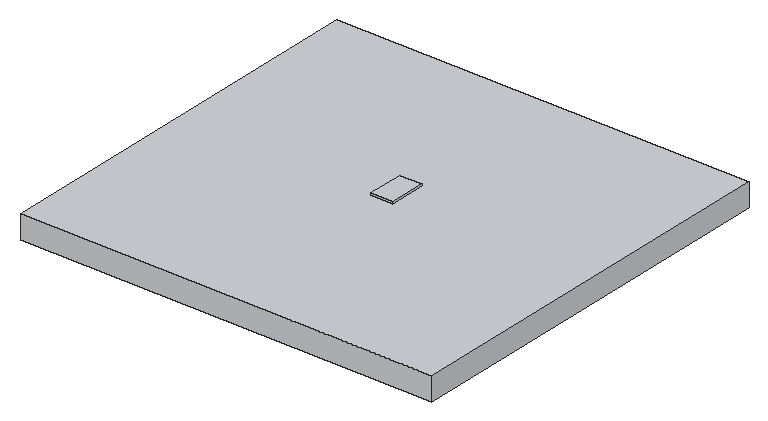
Revit family "M_Tomada de bancada", category Iluminação elétrica, Revit 2019
Family settings
  Hospedeiro = Face
  Manter orientação da anotação = Sim
  Cota do conector redondo = Utilizar diâmetro
  Tipo de parte = Normal
  Número OmniClass = 23.80.50.11.17
  Título OmniClass = Ground Fault Receptacles
  ID de item do Seek = Countertop Receptacle-0000-CAN-ENU
  Corte com vazios quando carregada = Não
  Compartilhado = Não
  Ponto de cálculo do ambiente = Não
Parameters (values of type "Padrão")
  Voltagem do interruptor = 120 V
  Classificação de carga = Receptáculo
  Carga = 180 VA
  Legenda = "CTR"
  Elevação-padrão = 460 mm
  Assembly Code = ""
Reference planes
  plane 1 "Centro (Frente/Trás)": y = 0
  plane 2: z = 0
  plane 3 "Centro (Esquerda/Direita)": x = 0
  plane 4: x = -34.925
  plane 5: x = 34.925
  plane 6: x = -19.05
  plane 7: x = 19.05
  plane 8: y = 57.15
  plane 9: y = -57.15
  plane 10: y = 38.1
  plane 11: y = -38.1
  plane 12 "nível acima": z = 4.762
  plane 13 "nível abaixo": z = -53.975
Forms (mm)
  Extrusion 1, solid
    sketch origin (0, 0, 0) x (1, 0, 0) y (0, 1, 0)
      loop
        line (-644.525, 571.5) -> (-644.525, -666.75) -> (644.525, -666.75) -> (644.525, 571.5) -> (-644.525, 571.5)
    from 0 to -72.672
  Extrusion 2, solid
    sketch origin (0, 0, 0) x (1, 0, 0) y (0, 1, 0)
      loop
        line (-34.925, 57.15) -> (-34.925, -57.15) -> (34.925, -57.15) -> (34.925, 57.15) -> (-34.925, 57.15)
    from 0 to 4.762
  Extrusion 3, solid
    sketch origin (0, 0, 0) x (1, 0, 0) y (0, 1, 0)
      loop
        line (-19.05, 38.1) -> (-19.05, -38.1) -> (19.05, -38.1) -> (19.05, 38.1) -> (-19.05, 38.1)
    from 0 to -53.975
Lines and regions (mm)
  symbolic lines, detail levels fine
    curve 1: line (34.925, 0, 0) -> (-34.925, 0, 0)
    curve 2: line (34.925, 0, 4.762) -> (34.925, 0, 0)
    curve 3: line (-34.925, 0, 4.762) -> (34.925, 0, 4.762)
    curve 4: line (-34.925, 0, 0) -> (-34.925, 0, 4.762)
    curve 5: line (19.05, 0, -53.975) -> (-19.05, 0, -53.975)
    curve 6: line (19.05, 0, 0) -> (19.05, 0, -53.975)
    curve 7: line (-19.05, 0, -53.975) -> (-19.05, 0, 0)
Dimensions and locks
  equal spacing: plane 6, plane 3 "Centro (Esquerda/Direita)", plane 7, locked at 19.05 each
  locked: plane 6 to plane 7 at 38.1
  equal spacing: plane 4, plane 3 "Centro (Esquerda/Direita)", plane 5, locked at 34.925 each
  locked: plane 4 to plane 5 at 69.85
  locked: plane 8 to plane 9 at 114.3
  locked: plane 12 "nível acima" to level at 4.763
  locked: level to plane 13 "nível abaixo" at 53.975
  locked: plane 10 to plane 11 at 76.2
  equal spacing: plane 10, plane 1 "Centro (Frente/Trás)", plane 11, locked at 38.1 each
  equal spacing: plane 8, plane 1 "Centro (Frente/Trás)", plane 9, locked at 57.15 each
  aligned and locked: plane 2 to Extrusion 1
  aligned and locked: level to Extrusion 1
  aligned and locked: plane 8 to Extrusion 2
  aligned and locked: Extrusion 2 to plane 9
  aligned and locked: plane 5 to Extrusion 2
  aligned and locked: Extrusion 2 to plane 4
  aligned and locked: Extrusion 2 to level
  aligned and locked: plane 12 "nível acima" to Extrusion 2
  aligned and locked: plane 10 to Extrusion 3
  aligned and locked: Extrusion 3 to plane 6
  aligned and locked: plane 7 to Extrusion 3
  aligned and locked: Extrusion 3 to plane 11
  aligned and locked: Extrusion 3 to level
  aligned and locked: Extrusion 3 to plane 13 "nível abaixo"
  aligned and locked: curve 4 to plane 4
  aligned and locked: plane 5 to curve 2
  aligned and locked: curve 3 to plane 12 "nível acima"
  aligned and locked: plane 2 to curve 1
  aligned and locked: curve 7 to plane 6
  aligned and locked: plane 7 to curve 6
  aligned and locked: plane 13 "nível abaixo" to curve 5
  aligned and locked: plane 1 "Centro (Frente/Trás)" to nested 1
  aligned and locked: plane 3 "Centro (Esquerda/Direita)" to nested 1
Automatic sketch dimensions
  Extrusion 2 sketch curve to plane 4 = 0 mm
  Extrusion 2 sketch curve to plane 5 = 0 mm
  Extrusion 2 sketch curve to plane 9 = 0 mm
  Extrusion 2 sketch curve to plane 8 = 0 mm
  Extrusion 3 sketch curve to plane 6 = 0 mm
  Extrusion 3 sketch curve to plane 7 = 0 mm
  Extrusion 3 sketch curve to plane 11 = 0 mm
  Extrusion 3 sketch curve to plane 10 = 0 mm
  Extrusion 1 sketch curve to Extrusion 1 sketch curve = 1289.05 mm
  Extrusion 1 sketch curve to Extrusion 1 sketch curve = 1238.25 mm
Nested families
  nested 1: "M_Anotação da tomada 1" at (0, 0, 0), type "Anotação de tomada 1", detail levels coarse+medium
Connectors
  electrical at (0, 38.1, -26.988), driven by "Voltagem do interruptor", driven by "Carga", driven by "Classificação de carga"
    settings: on Extrusion 3, index 1, voltage 120 V, apparent load 0 VA, apparent load phase1 180 VA, apparent load phase2 0 VA, apparent load phase3 0 VA, power factor 1, load classification "Receptáculo", number of poles 1, system type 31, power factor state 1, is connector primary yes, connector utility no, sub classification motor no, connector description ""
Definition of nested family "M_Anotação da tomada 1"
  Parameters
    Anotação de legenda = "CTR"
  Reference planes
    plane 1: y = 0
    plane 2: x = 0
  Lines and regions (mm)
    reference lines
      curve 1: line (-14.331, 3.175, 0) -> (15.536, 3.175, 0)
    detail lines
      curve 2: circle (0, 3.175, 0) r 1.588 normal (0, 0, 1)
      curve 3: line (-0.397, 4.712, 0) -> (-0.397, 0, 0)
      curve 4: line (0.397, 4.712, 0) -> (0.397, 0, 0)
  Text (mm)
    label "CTR" at (0.638, 5.698, 0), shows "Anotação de legenda"
  Dimensions and locks
    locked: plane 1 to curve 1 at 3.175
    locked: curve 3 to plane 2 at 0.397
    locked: plane 2 to curve 4 at 0.397
    radius of curve 2 = 1.588 mm
    aligned and locked: curve 1 to curve 2
    aligned and locked: plane 2 to curve 2
    aligned and locked: plane 1 to curve 4
